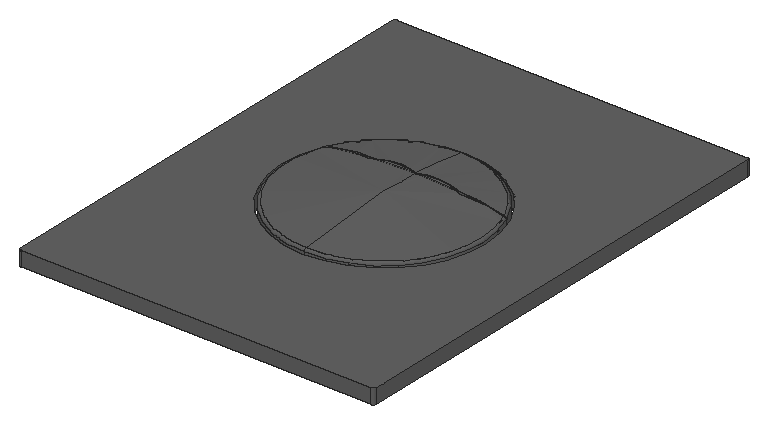
Revit family "Grohe_FlushPlate_NovaCosmopolitan_37601KF0", category Plumbing Fixtures, host Face, Revit 2020
Family settings
  Host = Face
  Round Connector Dimension = Use Diameter
  Part Type = Normal
  OmniClass Number = 23.45.05.00
  OmniClass Title = Sanitary Equipment
  Cut with Voids When Loaded = No
  Shared = No
  Room Calculation Point = No
Parameters (values of type "NOVA COSMPOLITAN Flush Plate (37601KF0)")
  _ObjectUserGuide = "https://www.bimstore.co/products/grohe-37601kf0/document/object-user-guide"
  _DistributedBy = "https://www.bimstore.co/"
  _CurrentRevision = 1
  _CreatedBy = "https://www.bimstore.co/"
  _BimSpecGuid = 0
  _BSBibleVersion = 17
  _AuthorizedBy = "bimstore"
  _Author = "SM 182"
  WarrantyStartDate [instance] = "Please Record on Commissioning"
  WarrantyGuarantorParts = "https://www.grohe.co.uk"
  WarrantyGuarantorLabor = "https://www.grohe.co.uk"
  WarrantyDurationUnit = "Years"
  WarrantyDurationParts = "0"
  WarrantyDurationLabor = "0"
  WarrantyDescription = "n/a"
  URL = "https://www.grohe.co.uk/"
  TypeName = "NOVA COSMPOLITAN Flush Plate (37601KF0)"
  Type Comments = "NOVA COSMPOLITAN Flush Plate (37601KF0)"
  TPIDocumentLink = "https://cdn.cloud.grohe.com/tpi/2000/2200/2210/2211/2211081/original/2211081.pdf"
  SustainabilityReport = "green.grohe.com/reporting"
  SustainabilityAward = "green.grohe.com/awards"
  SpareParts = "info-uk@grohe.com"
  Size = "n/a"
  Shape = "n/a"
  SerialNumber [instance] = "Please Record on Commissioning"
  ReplacementCost = "n/a"
  ReferencedStandard = "n/a"
  ProductionYear = "2024"
  ProductType = "101404"
  ProductShortText = "Flush plate"
  ProductNumber = "37601KF0"
  ProductDescription = "for dual flush or start & stop actuation\r\n\r\nfor pneumatic discharge valve AV1, GD 2 cistern\r\n\r\nvertical installation\r\n\r\n130 x 172 mm\r\n\r\nmade of ABS\r\n\r\nGROHE Long-Life finish\r\n\r\nGROHE Water Saving - Less water, perfect flow\r\n\r\nflush plate with magnetic holder and fixing brackets included\r\n\r\ncompatible with Rapid SLX\r\n\r\nfor use with Rapid SL and Uniset with GD 2 cistern please order shaft 40 911 000 (sold separately)\r\n\r\nfor use with Rapid SL and Uniset 0.82 m installation height please order shaft 40 950 000 (sold separately)"
  PrimaryMaterial = Grohe_PhantomBlack
  PQDiagramLink = ""
  NominalLength = 0 mm
  NominalHeight = 0 mm
  NominalDepth = 0 mm
  NBSReference = "90-15-35/470"
  NBSOfficeMasterTag = "n/a"
  NBSObjectName = "Grohe - Flush Control Devices"
  NBSNote = "n/a"
  NBSDescription = "Flush Control Devices"
  ModelReference = "Flush plate"
  ModelNumber = "37601KF0"
  Model = "37601KF0"
  Material = "n/a"
  ManufacturerName = "Grohe"
  Manufacturer = "Grohe"
  Keynote = "N13"
  InstallationVideo = ""
  InstallationDate [instance] = "Please Record on Commissioning"
  IfcExportType = "IfcValveTypeEnum.FLUSHING"
  IfcExportAs = "IfcValve"
  Grade = "n/a"
  GROHESustainability = "green.grohe.com"
  GROHESocialCommittment = "green.grohe.com/social_engagement"
  FullRecyclabilityOfPlastic = "All plastic components are fully recycable"
  Finish = "n/a"
  Features = "n/a"
  ExpectedLife = 0
  Ecojoy = no
  EF023752 = "false"
  EF023751 = "true"
  EF020828 = "true"
  EF020827 = "true"
  EF010109 = "false"
  EF006949 = "Mechanical"
  EF006331 = "false"
  EF002169 = "Plastic"
  EF002147 = "Two button"
  EF001438 = "172"
  EF000040 = "5"
  EF000008 = "130"
  EF000007 = "Black"
  DurationUnit = "Years"
  DocumentationTechnical = "https://www.bimstore.co/products/grohe-37601kf0/document/object-user-guide"
  DocumentationMaintenance = "https://www.bimstore.co/products/grohe-37601kf0/document/maintenance-information"
  DocumentationLiterature = "https://www.bimstore.co/products/grohe-37601kf0/document/product-literature"
  DocumentationInstallationGuide = "https://www.bimstore.co/products/grohe-37601kf0/document/installation-guide"
  DocumentationCertificates = "https://www.bimstore.co/products/grohe-37601kf0/document/product-certificates"
  DimensionsDocumentLink = "https://cdn.cloud.grohe.com/dimdraw/2000/2000/2060/2068/2068527/1280/2068527.jpg"
  Description = "for dual flush or start & stop actuation\r\n\r\nfor pneumatic discharge valve AV1, GD 2 cistern\r\n\r\nvertical installation\r\n\r\n130 x 172 mm\r\n\r\nmade of ABS\r\n\r\nGROHE Long-Life finish\r\n\r\nGROHE Water Saving - Less water, perfect flow\r\n\r\nflush plate with magnetic holder and fixing brackets included\r\n\r\ncompatible with Rapid SLX\r\n\r\nfor use with Rapid SL and Uniset with GD 2 cistern please order shaft 40 911 000 (sold separately)\r\n\r\nfor use with Rapid SL and Uniset 0.82 m installation height please order shaft 40 950 000 (sold separately)"
  Default Elevation = 0 mm
  CreatedOn = "2024-04-16T:09:00:00"
  CreatedBy = "info-uk@grohe.com"
  CradleToCradleCertification = "N/A"
  Cost = 0
  Constituents = "n/a"
  Color = "Black"
  CodePerformance = "n/a"
  ClassificationValue = "Pr_75_50_46_31"
  ClassificationName = "Uniclass2015"
  CO2NeutralProduction = "GROHE is one of the first leading manufacturer within the sanitary industry having a CO2-neutral production."
  BarCode [instance] = "Please Record on Commissioning"
  BIMObjectName = "Grohe_FlushPlate_NovaCosmopolitan_37601KF0"
  AssetType = "Fixed"
  AssetIdentifier [instance] = "n/a"
  Assembly Code = "D2010"
  AccessibilityPerformance = "n/a"
Reference planes
  plane 1 "Center (Front/Back)": y = 0
  plane 2: z = 0
  plane 3 "Center (Left/Right)": x = 0
Forms (mm)
  Extrusion 1, solid, material "Grohe_PhantomBlack" <- "PrimaryMaterial"
    sketch origin (0, 0, 0) x (1, 0, 0) y (0, 1, 0)
      loop
        arc (-63.827, 86) -> (-64.657, 85.657) -> (-65, 84.827) r 1.173
        line (-65, 84.827) -> (-65, -84.81)
        arc (-65, -84.81) -> (-64.652, -85.652) -> (-63.81, -86) r 1.19
        line (-63.81, -86) -> (63.82, -86)
        arc (63.82, -86) -> (64.654, -85.654) -> (65, -84.82) r 1.18
        line (65, -84.82) -> (65, 84.849)
        arc (65, 84.849) -> (64.663, 85.663) -> (63.849, 86) r 1.151
        line (63.849, 86) -> (-63.827, 86)
      loop
        circle (0, 0) r 37.406
    from 0 to 5.302
  Revolve 2, solid, material "Grohe_PhantomBlack" <- "PrimaryMaterial"
    sketch origin (0, 0, 0) x (0, 1, 0) y (0, 0, 1)
      loop
        line (36.3, 0) -> (36.3, 5.545)
        arc (36.3, 5.545) -> (36.065, 6.19) -> (35.469, 6.531) r 1
        arc (35.469, 6.531) -> (17.799, 8.801) -> (0, 9.559) r 209.244
        line (0, 9.559) -> (0, 0) -> (36.3, 0)
      axis (0, 9.559) -> (0, 0)
    angle from 0 to 360
  Extrusion 3, void
    sketch origin (0, 0, 0) x (0, 1, 0) y (0, 0, 1)
      loop
        line (14.596, -2.621) -> (14.596, 11.125) -> (13.804, 11.125) -> (13.804, -2.621) -> (14.596, -2.621)
    from -48.826 to 51.849
Cuts and joins
  Extrusion 3 cuts Revolve 2
  joined: Extrusion 1, Revolve 2
Dimensions and locks
  aligned and locked: plane 2 to host face
  aligned and locked: level to host face
